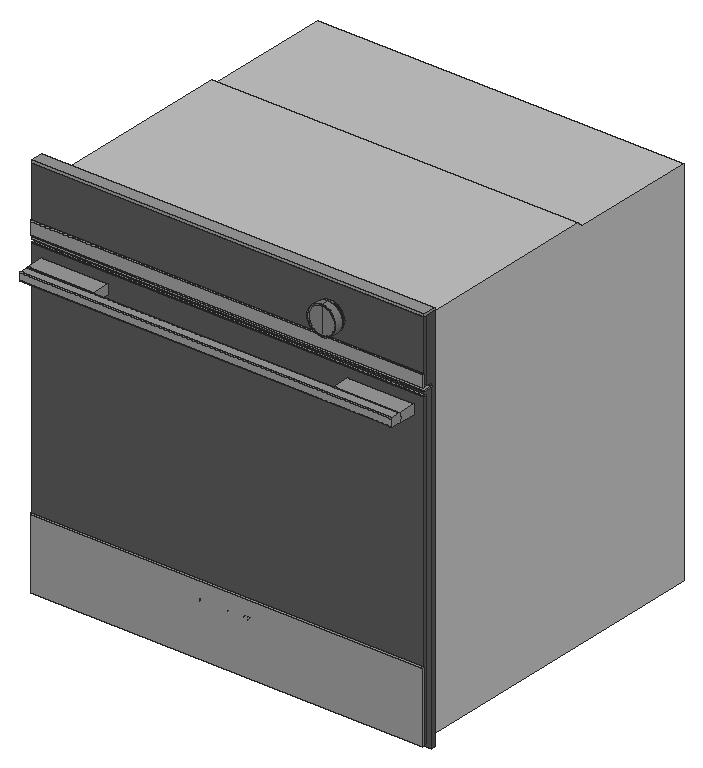
Revit family "FP-Revit20-en-OS60SDTDX1-SteamOven-0-9000XXXXA-CN", category Specialty Equipment, Revit 2020
Family settings
  Round Connector Dimension = Use Diameter
  Part Type = Normal
  OmniClass Number = 23.40.40.14.17.11
  OmniClass Title = Cookers, Ovens, Stoves
  Work Plane-Based = No
  Always vertical = Yes
  Cut with Voids When Loaded = Yes
  Shared = No
  Room Calculation Point = No
Parameters (values of type "OS60SDTDX1")
  Visibility - Clearance Required = yes
  URL = "www.fisherpaykel.com"
  Product - Height = 598 mm  # constant formula
  Product - Width = 596 mm  # constant formula
  Product - Depth (Exc. Handles) = 565 mm  # constant formula
  Opening - Height = 600 mm  # constant formula
  Model = "OS60SDTDX1"
  Material - Trim = Fisher & Paykel - Stainless Steel
  Material - Structure = Fisher & Paykel - Black
  Material - Handle = Fisher & Paykel - Stainless Steel
  Material - Glass = Fisher & Paykel - Glass, Black
  Material - Dial = Fisher & Paykel - Aluminium, Dark, Matt
  Material - Body = Fisher & Paykel - Grey
  Manufacturer = "Fisher & Paykel Appliances"
  FFL Offset [instance] = 900 mm
  Description = "Combination Steam Oven, 60cm, 23 Function"
  Default Elevation = 0 mm
  Connector Description - Electrical = "220-240V, 50Hz ,15A"
  Chassis - Width = 556 mm  # constant formula
  Chassis - Height = 575 mm  # constant formula
  Chassis - Depth = 545 mm  # constant formula
  Cavity - Width = 560 mm  # constant formula
  Cavity - Height = 580 mm  # constant formula
  Cavity - Depth = 550 mm  # constant formula
Reference planes
  plane 1 "Datum": y = 0
  plane 2: z = -2
  plane 3 "Center (Left/Right)": x = 0
  plane 4 "Product - LHS": x = -298
  plane 5 "Product - RHS": x = 298
  plane 6 "Cavity - RHS": x = 280
  plane 7 "FFL Offset": z = 898
  plane 8 "Chassis - Depth": y = 545
  plane 9 "Front Face": y = -20
  plane 10 "Chassis - Height": z = 1473
  plane 11 "Cavity - Height": z = 1478
  plane 12 "Opening - Height": z = 1498
  plane 13 "Cavity - LHS": x = -280
  plane 14 "Cavity - Depth": y = 550
  plane 15 "Product - Height": z = 1496
  plane 16 "Opening - RHS": x = 300
  plane 17 "Opening - LHS": x = -300
  plane 18 "Chassis - LHS": x = -278
  plane 19 "Chassis - RHS": x = 278
Forms (mm)
  Extrusion 1, solid, material "Fisher & Paykel - Grey" <- "Material - Body"
    sketch origin (0, 0, 0) x (0, 1, 0) y (0, 0, 1)
      loop
        line (0, 1473) -> (0, 898) -> (528, 898) -> (528, 1088) -> (545, 1108) -> (545, 1303) -> (498, 1358) -> (498, 1466) -> (305, 1466) -> (298, 1473) -> (0, 1473)
    from -278 to 278
  Extrusion 2, solid, material "Fisher & Paykel - Black" <- "Material - Structure", detail levels fine
    sketch origin (0, 0, 0) x (0, 1, 0) y (0, 0, 1)
      loop
        line (0, 1492.7) -> (-16, 1492.7) -> (-16, 1396) -> (-4, 1396) -> (-4, 898) -> (0, 898) -> (0, 1492.7)
    from -298 to 298
  Extrusion 3, solid, material "Fisher & Paykel - Glass, Black" <- "Material - Glass", detail levels fine
    sketch origin (0, 0, -3) x (0, 1, 0) y (0, 0, 1)
      loop
        line (-20, 1386.4) -> (-20, 912.5) -> (-16, 912.5) -> (-16, 1386.4) -> (-20, 1386.4)
      loop
        line (-20, 1400.8) -> (-16, 1400.8) -> (-16, 1495.7) -> (-20, 1495.7) -> (-20, 1400.8)
    from -298 to 298
  Extrusion 4, solid, material "Fisher & Paykel - Black" <- "Material - Structure", detail levels fine
    sketch origin (0, 0, 0) x (0, 1, 0) y (0, 0, 1)
      loop
        line (-16, 909.5) -> (-4, 909.5) -> (-4, 1380.364) -> (-13.99, 1384) -> (-16, 1384) -> (-16, 909.5)
    from -268 to 268
  Extrusion 5, solid, material "Fisher & Paykel - Clearance Required", visible <- "Visibility - Clearance Required", detail levels coarse
    sketch origin (0, 0, -2) x (1, 0, 0) y (0, 1, 0)
      loop
        line (-280, 0) -> (280, 0) -> (280, 550) -> (-280, 550) -> (-280, 0)
    from 900 to 1480
  Extrusion 6, void
    sketch origin (0, 0, 0) x (0, 1, 0) y (0, 0, 1)
      loop
        line (-20, 898) -> (0, 898) -> (0, 1498) -> (-20, 1498) -> (-20, 898)
    from -300 to 300
  Extrusion 7, solid, material "Fisher & Paykel - Grey" <- "Material - Body"
    sketch origin (0, 2, 0) x (0, 1, 0) y (0, 0, 1)
      loop
        line (496, 1433.999) -> (496, 1376) -> (517.999, 1376) -> (517.999, 1433.999) -> (496, 1433.999)
    from -221 to -128
  Extrusion 8, solid, material "Fisher & Paykel - Stainless Steel" <- "Material - Trim", detail levels fine
    sketch origin (0, 0, -1.199) x (0, 1, 0) y (0, 0, 1)
      loop
        line (-16, 1397.199) -> (-16, 1398.999) -> (-20, 1398.999) -> (-20, 1397.199) -> (-16, 1397.199)
      loop
        line (-16, 1384.599) -> (-16, 1386.199) -> (-20, 1386.199) -> (-20, 1384.599) -> (-16, 1384.599)
      loop
        line (-4, 1390.799) -> (-4, 1392.399) -> (-20, 1392.399) -> (-20, 1390.799) -> (-4, 1390.799)
      loop
        line (0, 1493.899) -> (0, 1497.199) -> (-20, 1497.199) -> (-20, 1493.899) -> (0, 1493.899)
    from -298 to 298
  Extrusion 9, void
    sketch origin (0, 0, -2) x (1, 0, 0) y (0, 1, 0)
      loop
        line (201.865, 545) -> (229, 498) -> (278, 498) -> (278, 545) -> (201.865, 545)
      loop
        line (-201.865, 545) -> (-278, 545) -> (-278, 498) -> (-229, 498) -> (-201.865, 545)
    from 900 to 1480
  Extrusion 10, solid, material "Fisher & Paykel - Grey" <- "Material - Body"
    sketch origin (0, 6.626, -14.403) x (0, 1, 0) y (0, 0, 1)
      loop
        circle (501.374, 1419.388) r 5
    from -271 to -221
  Extrusion 11, void
    sketch origin (0, 0, -2) x (1, 0, 0) y (0, 1, 0)
      loop
        line (-280, 0) -> (280, 0) -> (280, 550) -> (-280, 550) -> (-280, 0)
    from 900 to 1480
  Extrusion 12, solid, material "Fisher & Paykel - Glass, Black" <- "Material - Glass", detail levels coarse+medium
    sketch origin (0, 0, 0) x (0, 1, 0) y (0, 0, 1)
      loop
        line (0, 1496) -> (-20, 1496) -> (-20, 1396) -> (-4, 1396) -> (-4, 1391.2) -> (-4, 1380.364) -> (-13.99, 1384) -> (-16, 1384) -> (-16, 1385) -> (-20, 1385) -> (-20, 909.5) -> (-4, 909.5) -> (-4, 898) -> (0, 898) -> (0, 1496)
    from -298 to 298
  Extrusion 13, solid, material "Fisher & Paykel - Clearance Required", visible <- "Visibility - Clearance Required", detail levels coarse
    sketch origin (0, 0, 0) x (0, 1, 0) y (0, 0, 1)
      loop
        line (0, 898) -> (0, 1498) -> (-20, 1498) -> (-20, 1385)
        arc (-20, 1385) -> (-332.479, 1259.952) -> (-475.335, 955.203) r 458.415
        line (-475.335, 955.203) -> (-461.431, 954.484) -> (-463.168, 920.896) -> (-450.381, 920.235) -> (-448.645, 953.805) -> (-20, 931.639) -> (-20, 898) -> (0, 898)
    from -300 to 300
  Extrusion 14, solid, material "Fisher & Paykel - Stainless Steel" <- "Material - Trim"
    sketch origin (0, 0, 0) x (0, 1, 0) y (0, 0, 1)
      loop
        line (-22, 908) -> (-20, 908) -> (-20, 1016) -> (-21.019, 1016) -> (-22, 1014.013) -> (-22, 908)
      loop
        line (-20, 1396) -> (-20, 1415.6) -> (-21.022, 1415.6) -> (-22.044, 1413.628) -> (-22.044, 1396) -> (-20, 1396)
    from -298 to 298
Cuts and joins
  Extrusion 9 cuts Extrusion 1
Text (mm)
  text "Due to ongoing product development, product details are subject to change without notice. \nPlease always refer to www.fisherpaykel.com for the most current product information. \n© Fisher & Paykel 2020" at (41.04, -613.295, 0), in view "Ref. Level (Plan)"
Dimensions and locks
  equal spacing: plane 4 "Product - LHS", plane 3 "Center (Left/Right)", plane 5 "Product - RHS"
  "Product - Width": plane 4 "Product - LHS" to plane 5 "Product - RHS"
  "FFL Offset": plane 7 "FFL Offset" to level
  locked: plane 9 "Front Face" to plane 1 "Datum" at 20
  "Cavity - Height": plane 11 "Cavity - Height" to plane 7 "FFL Offset"
  "Chassis - Height": plane 10 "Chassis - Height" to plane 7 "FFL Offset"
  "Cavity - Depth": plane 1 "Datum" to plane 14 "Cavity - Depth"
  "Cavity - Width": plane 13 "Cavity - LHS" to plane 6 "Cavity - RHS"
  Extrusion 6 to Extrusion 3 = 11.5 mm
  "Chassis - Depth": plane 1 "Datum" to plane 8 "Chassis - Depth"
  equal spacing: plane 13 "Cavity - LHS", plane 3 "Center (Left/Right)", plane 6 "Cavity - RHS"
  "Opening - Height": plane 7 "FFL Offset" to plane 12 "Opening - Height"
  "Product - Height": plane 7 "FFL Offset" to plane 15 "Product - Height"
  equal spacing: cut or joined group of Extrusion 1, Extrusion 9, plane 3 "Center (Left/Right)", cut or joined group of Extrusion 1, Extrusion 9
  "Chassis - Width": cut or joined group of Extrusion 1, Extrusion 9 to cut or joined group of Extrusion 1, Extrusion 9
  locked: plane 15 "Product - Height" to nested 2 at 506.195
  plane 9 "Front Face" to plane 8 "Chassis - Depth" = 565 mm
  locked: nested 1 to plane 15 "Product - Height" at 52.1
  locked: nested 3 to plane 15 "Product - Height" at 135
  locked: plane 7 "FFL Offset" to Extrusion 14 at 10
  locked: Extrusion 14 to Extrusion 13 at 2.044
  locked: Extrusion 14 to Extrusion 6 at 2
  aligned and locked: level to plane 2
  aligned and locked: plane 4 "Product - LHS" to Extrusion 3
  aligned and locked: Extrusion 3 to plane 5 "Product - RHS"
  aligned and locked: plane 4 "Product - LHS" to Extrusion 2
  aligned and locked: Extrusion 2 to plane 5 "Product - RHS"
  aligned and locked: Extrusion 1 to plane 7 "FFL Offset"
  aligned and locked: Extrusion 8 to plane 5 "Product - RHS"
  aligned and locked: Extrusion 8 to Extrusion 3
  aligned and locked: Extrusion 6 to Extrusion 3
  aligned and locked: Extrusion 3 to Extrusion 8
  aligned and locked: Extrusion 4 to Extrusion 3
  aligned and locked: Extrusion 4 to Extrusion 2
  aligned and locked: Extrusion 8 to plane 1 "Datum"
  aligned and locked: plane 9 "Front Face" to Extrusion 6
  aligned and locked: Extrusion 5 to plane 6 "Cavity - RHS"
  aligned and locked: Extrusion 10 to Extrusion 7
  aligned and locked: plane 11 "Cavity - Height" to Extrusion 5
  aligned and locked: Extrusion 6 to plane 12 "Opening - Height"
  aligned and locked: Extrusion 6 to Extrusion 2
  aligned and locked: Extrusion 8 to plane 15 "Product - Height"
  aligned and locked: Extrusion 8 to Extrusion 2
  aligned and locked: Extrusion 9 to Extrusion 1
  aligned and locked: Extrusion 5 to Extrusion 2
  aligned and locked: Extrusion 5 to Extrusion 9
  aligned and locked: Extrusion 5 to plane 7 "FFL Offset"
  aligned and locked: Extrusion 1 to Extrusion 9
  aligned and locked: Extrusion 12 sketch curve to plane 15 "Product - Height"
  aligned and locked: plane 11 "Cavity - Height" to Extrusion 11
  aligned and locked: Extrusion 2 to Extrusion 11
  aligned and locked: Extrusion 3 to Extrusion 4
  aligned and locked: Extrusion 12 to Extrusion 3
  aligned and locked: Extrusion 13 to plane 16 "Opening - RHS"
  aligned and locked: plane 17 "Opening - LHS" to Extrusion 13
  aligned and locked: Extrusion 6 to Extrusion 14 sketch curve
  aligned and locked: Extrusion 14 to plane 5 "Product - RHS"
  aligned and locked: plane 4 "Product - LHS" to Extrusion 14
  aligned and locked: Extrusion 14 sketch curve to Extrusion 13
Automatic sketch dimensions
  Extrusion 1 sketch curve to plane 1 "Datum" = 0 mm
  Extrusion 1 sketch curve to plane 10 "Chassis - Height" = 0 mm
  Extrusion 1 sketch curve to plane 7 "FFL Offset" = 0 mm
  Extrusion 1 sketch curve to plane 8 "Chassis - Depth" = 0 mm
  Extrusion 1 sketch curve to Extrusion 1 sketch curve = 7 mm
  Extrusion 1 sketch curve to plane 10 "Chassis - Height" = 7 mm
  Extrusion 1 sketch curve to Extrusion 1 sketch curve = 20 mm
  Extrusion 2 sketch curve to plane 7 "FFL Offset" = 0 mm
  Extrusion 2 sketch curve to plane 1 "Datum" = 0 mm
  plane 1 "Datum" to Extrusion 2 sketch curve = 4 mm
  Extrusion 2 sketch curve to plane 9 "Front Face" = 4 mm
  plane 15 "Product - Height" to Extrusion 2 sketch curve = 3.3 mm
  Extrusion 3 sketch curve to plane 9 "Front Face" = 0 mm  (x2)
  Extrusion 3 sketch curve to Extrusion 3 sketch curve = 4 mm  (x2)
  plane 7 "FFL Offset" to Extrusion 3 sketch curve = 11.5 mm
  Extrusion 3 sketch curve to Extrusion 3 sketch curve = 14.4 mm
  plane 15 "Product - Height" to Extrusion 3 sketch curve = 3.3 mm
  Extrusion 4 sketch curve to plane 9 "Front Face" = 4 mm
  Extrusion 4 sketch curve to Extrusion 4 sketch curve = 2.01 mm
  plane 1 "Datum" to Extrusion 4 sketch curve = 4 mm
  plane 7 "FFL Offset" to Extrusion 4 sketch curve = 11.5 mm
  Extrusion 4 sketch curve to Extrusion 4 sketch curve = 3.636 mm
  Extrusion 5 sketch curve to plane 13 "Cavity - LHS" = 0 mm
  Extrusion 5 sketch curve to plane 6 "Cavity - RHS" = 0 mm
  plane 1 "Datum" to Extrusion 5 sketch curve = 0 mm
  Extrusion 5 sketch curve to plane 14 "Cavity - Depth" = 0 mm
  Extrusion 6 sketch curve to plane 9 "Front Face" = 0 mm
  Extrusion 6 sketch curve to plane 1 "Datum" = 0 mm
  Extrusion 6 sketch curve to plane 7 "FFL Offset" = 0 mm
  plane 12 "Opening - Height" to Extrusion 6 sketch curve = 0 mm
  Extrusion 7 sketch curve to Extrusion 7 sketch curve = 21.999 mm
  Extrusion 8 sketch curve to plane 9 "Front Face" = 0 mm  (x4)
  Extrusion 8 sketch curve to plane 1 "Datum" = 0 mm
  plane 15 "Product - Height" to Extrusion 8 sketch curve = 0 mm
  Extrusion 8 sketch curve to Extrusion 8 sketch curve = 4 mm  (x2)
  plane 1 "Datum" to Extrusion 8 sketch curve = 4 mm
  plane 15 "Product - Height" to Extrusion 8 sketch curve = 3.3 mm
  Extrusion 8 sketch curve to Extrusion 8 sketch curve = 1.8 mm
  Extrusion 8 sketch curve to Extrusion 8 sketch curve = 4.8 mm
  Extrusion 8 sketch curve to Extrusion 8 sketch curve = 1.6 mm  (x2)
  Extrusion 8 sketch curve to Extrusion 8 sketch curve = 4.6 mm
  Extrusion 9 sketch curve to plane 8 "Chassis - Depth" = 0 mm  (x2)
  Extrusion 9 sketch curve to plane 13 "Cavity - LHS" = 2 mm
  Extrusion 9 sketch curve to Extrusion 9 sketch curve = 49 mm
  Extrusion 9 sketch curve to Extrusion 9 sketch curve = 27.135 mm
  plane 6 "Cavity - RHS" to Extrusion 9 sketch curve = 78.135 mm
  plane 6 "Cavity - RHS" to Extrusion 9 sketch curve = 51 mm
  plane 6 "Cavity - RHS" to Extrusion 9 sketch curve = 2 mm
  Extrusion 11 sketch curve to plane 13 "Cavity - LHS" = 0 mm
  Extrusion 11 sketch curve to plane 6 "Cavity - RHS" = 0 mm
  plane 1 "Datum" to Extrusion 11 sketch curve = 0 mm
  Extrusion 11 sketch curve to plane 14 "Cavity - Depth" = 0 mm
  Extrusion 7 sketch curve to plane 10 "Chassis - Height" = 39.001 mm
  Extrusion 1 sketch curve to Extrusion 1 sketch curve = 163 mm
  Extrusion 1 sketch curve to Extrusion 1 sketch curve = 55 mm
  Extrusion 2 sketch curve to plane 10 "Chassis - Height" = 77 mm
  Extrusion 3 sketch curve to plane 10 "Chassis - Height" = 89.6 mm
  Extrusion 4 sketch curve to plane 10 "Chassis - Height" = 92.636 mm
  Extrusion 7 sketch curve to Extrusion 7 sketch curve = 57.999 mm
  Extrusion 8 sketch curve to plane 10 "Chassis - Height" = 75.2 mm
  Extrusion 10 sketch curve to plane 10 "Chassis - Height" = 68.015 mm
  Extrusion 12 sketch curve to plane 9 "Front Face" = 0 mm  (x2)
  Extrusion 12 sketch curve to plane 7 "FFL Offset" = 0 mm
  Extrusion 12 sketch curve to plane 1 "Datum" = 0 mm
  Extrusion 12 sketch curve to plane 9 "Front Face" = 4 mm
  Extrusion 12 sketch curve to Extrusion 12 sketch curve = 2.01 mm
  plane 1 "Datum" to Extrusion 12 sketch curve = 4 mm  (x2)
  Extrusion 12 sketch curve to plane 10 "Chassis - Height" = 92.636 mm
  Extrusion 12 sketch curve to Extrusion 12 sketch curve = 3.636 mm
  Extrusion 12 sketch curve to Extrusion 12 sketch curve = 1 mm
  Extrusion 12 sketch curve to Extrusion 12 sketch curve = 10.836 mm
  Extrusion 12 sketch curve to Extrusion 12 sketch curve = 11 mm
  Extrusion 12 sketch curve to Extrusion 12 sketch curve = 11.5 mm
  Extrusion 1 sketch curve to Extrusion 1 sketch curve = 190 mm
  Extrusion 13 sketch curve to plane 9 "Front Face" = 0 mm  (x2)
  Extrusion 13 sketch curve to plane 1 "Datum" = 0 mm
  Extrusion 13 sketch curve to plane 7 "FFL Offset" = 0 mm
  plane 12 "Opening - Height" to Extrusion 13 sketch curve = 0 mm
  plane 7 "FFL Offset" to Extrusion 13 sketch curve = 55.805 mm
  plane 9 "Front Face" to Extrusion 13 sketch curve = 428.645 mm
  plane 7 "FFL Offset" to Extrusion 13 sketch curve = 22.235 mm
  Extrusion 13 sketch curve to Extrusion 13 sketch curve = 1.736 mm
  plane 7 "FFL Offset" to Extrusion 13 sketch curve = 56.484 mm
  Extrusion 13 sketch curve to Extrusion 13 sketch curve = 12.786 mm
  Extrusion 13 sketch curve to plane 9 "Front Face" = 2.186 mm
  Extrusion 13 sketch curve to Extrusion 13 sketch curve = 5.049 mm
  Extrusion 13 sketch curve to Extrusion 13 sketch curve = 13.904 mm
  Extrusion 1 sketch curve to plane 8 "Chassis - Depth" = 247 mm
  Extrusion 1 sketch curve to plane 8 "Chassis - Depth" = 47 mm
  Extrusion 1 sketch curve to plane 8 "Chassis - Depth" = 17 mm
  Extrusion 7 sketch curve to plane 8 "Chassis - Depth" = 47 mm
  Extrusion 9 sketch curve to plane 8 "Chassis - Depth" = 47 mm  (x2)
  Extrusion 10 sketch curve to plane 8 "Chassis - Depth" = 37 mm
  plane 9 "Front Face" to Extrusion 14 sketch curve = 1.019 mm
  plane 9 "Front Face" to Extrusion 14 sketch curve = 2 mm
  plane 7 "FFL Offset" to Extrusion 14 sketch curve = 10 mm
  Extrusion 14 sketch curve to Extrusion 14 sketch curve = 106.013 mm
  Extrusion 14 sketch curve to Extrusion 14 sketch curve = 1.987 mm
  Extrusion 14 sketch curve to plane 10 "Chassis - Height" = 77 mm
  Extrusion 14 sketch curve to Extrusion 14 sketch curve = 1.972 mm
  plane 9 "Front Face" to Extrusion 14 sketch curve = 2.044 mm
  Extrusion 14 sketch curve to Extrusion 14 sketch curve = 17.628 mm
  plane 9 "Front Face" to Extrusion 14 sketch curve = 1.022 mm
  radius of Extrusion 10 sketch curve = 5 mm
Nested families
  nested 1: "F&P Dial Minimal Oven" at (155.3, -20, 1443.9), type "F&P Dial Minimal Oven"
  nested 2: "F&P Logo 100mm" at (0.044, -20, 987), type "Grey"
  nested 3: "F&P Handle Contemporary Square Fine OB60-24" at (0, -20, 1361.022), type "Aluminium Black"
Connectors
  electrical at (-271, 508, 1404.985), driven by "Connector Description - Electrical"
    settings: on Extrusion 10, index 1, voltage 230 V, apparent load 0 VA, apparent load phase1 0 VA, apparent load phase2 0 VA, apparent load phase3 0 VA, power factor 1, load classification "Other", number of poles 1, system type 30, power factor state 1, is connector primary yes, connector utility yes, sub classification motor no, connector description "220-240V, 50Hz ,15A"
Definition of nested family "F&P Dial Minimal Oven"
  Parameters (values of type "F&P Dial Minimal Oven")
    URL = "www.fisherpaykel.com"
    Material - Buttons and Dials = none
    Manufacturer = "Fisher & Paykel Appliances"
    Default Elevation = 0 mm
  Reference planes
    plane 1 "Center (Front/Back)": y = 0
    plane 2: z = 0
    plane 3 "Center (Left/Right)": x = 0
    plane 4: x = 0
    plane 5 "Dial": z = 0
  Forms (mm)
    Revolve 1, solid, material <- "Material - Buttons and Dials", detail levels fine
      sketch origin (0, 0, 0) x (0, 1, 0) y (0, 0, 1)
        loop
          line (-15.2, 0) -> (0, 0) -> (0, 22) -> (-0.8, 22) -> (-0.8, 18.5) -> (-4.2, 18.5) -> (-4.2, 20.136) -> (-4.7, 22) -> (-15.8, 22) -> (-15.8, 21.2) -> (-15.301, 20) -> (-15.301, 0)
        axis (-15.8, 0) -> (0, 0)
      angle from 0 to 360
    Revolve 2, solid, material <- "Material - Buttons and Dials", detail levels coarse+medium
      sketch origin (0, 0, 0) x (0, 1, 0) y (0, 0, 1)
        loop
          line (0, 18.5) -> (-4.2, 18.5) -> (-4.2, 22) -> (-15.8, 22) -> (-15.8, 0) -> (0, 0) -> (0, 18.5)
        axis (-15.8, 0) -> (0, 0)
      angle from 0 to 360
  Dimensions and locks
    aligned and locked: level to plane 2
Definition of nested family "F&P Logo 100mm"
  Parameters (values of type "Grey")
    URL = "www.fisherpaykel.com"
    Material - Logo = none
    Manufacturer = "Fisher & Paykel Appliances"
    Default Elevation = 0 mm
  Reference planes
    plane 1 "Center (Front/Back)": y = 0
    plane 2: z = 0
    plane 3 "Center (Left/Right)": x = 0
    plane 4 "Logo": z = 2.805
  Forms (mm)
    Extrusion 1, solid, material <- "Material - Logo", detail levels fine
      sketch origin (0, 0, 0) x (1, 0, 0) y (0, 0, 1)
        loop
          line (-50.044, 0) -> (-48.47, 0) -> (-48.47, 2.138) -> (-46.011, 2.138) -> (-46.011, 3.472) -> (-48.47, 3.472) -> (-48.47, 4.712) -> (-45.795, 4.712) -> (-45.795, 6.04) -> (-50.044, 6.04) -> (-50.044, 0)
        loop
          line (-42.804, 6.04) -> (-42.804, 0) -> (-41.23, 0) -> (-41.23, 6.04) -> (-42.804, 6.04)
        loop
          line (-30.724, 6.04) -> (-30.724, 0) -> (-29.151, 0) -> (-29.151, 2.42) -> (-26.839, 2.42) -> (-26.839, 0) -> (-25.265, 0) -> (-25.265, 6.04) -> (-26.839, 6.04) -> (-26.839, 3.748) -> (-29.151, 3.748) -> (-29.151, 6.04) -> (-30.724, 6.04)
        loop
          line (-21.906, 6.04) -> (-21.906, 0) -> (-17.602, 0) -> (-17.602, 1.328) -> (-20.347, 1.328) -> (-20.347, 2.42) -> (-17.838, 2.42) -> (-17.838, 3.748) -> (-20.347, 3.748) -> (-20.347, 4.712) -> (-17.602, 4.712) -> (-17.602, 6.04) -> (-21.906, 6.04)
        loop
          line (45.667, 6.04) -> (45.667, 0) -> (49.956, 0) -> (49.956, 1.328) -> (47.241, 1.328) -> (47.241, 6.04) -> (45.667, 6.04)
        loop
          line (42.431, 6.04) -> (38.112, 6.04) -> (38.112, 0) -> (42.431, 0) -> (42.431, 1.328) -> (39.687, 1.328) -> (39.687, 2.42) -> (42.195, 2.42) -> (42.195, 3.748) -> (39.687, 3.748) -> (39.687, 4.712) -> (42.431, 4.712) -> (42.431, 6.04)
        loop
          line (33.443, 3.137) -> (35.683, 6.04) -> (33.844, 6.04) -> (31.915, 3.542) -> (31.915, 6.04) -> (30.342, 6.04) -> (30.342, 0) -> (31.915, 0) -> (31.915, 2.705) -> (33.903, 0) -> (35.747, 0) -> (33.443, 3.137)
        loop
          line (21.98, 6.04) -> (24.262, 2.42) -> (24.262, 0) -> (25.837, 0) -> (25.837, 2.341) -> (28.119, 6.04) -> (26.446, 6.04) -> (25.099, 3.707) -> (23.753, 6.04) -> (21.98, 6.04)
        loop
          line (18.479, 6.04) -> (16.983, 6.04) -> (14.524, 0) -> (16.069, 0) -> (16.501, 1.112) -> (18.786, 1.112) -> (19.219, 0) -> (20.938, 0) -> (18.479, 6.04)
        loop
          line (18.4, 2.439) -> (17.693, 4.174) -> (17.018, 2.439) -> (18.4, 2.439)
        loop
          line (8.031, 6.04) -> (8.031, 0) -> (9.605, 0) -> (9.605, 1.938) -> (10.599, 1.938)
          arc (10.599, 1.938) -> (12.65, 3.989) -> (10.599, 6.04) r 2.051
          line (10.599, 6.04) -> (8.031, 6.04)
        loop
          line (9.605, 4.712) -> (9.605, 3.197) -> (10.501, 3.197)
          arc (10.501, 3.197) -> (11.259, 3.954) -> (10.501, 4.712) r 0.757
          line (10.501, 4.712) -> (9.605, 4.712)
        loop
          line (-11.783, 6.04) -> (-14.366, 6.04) -> (-14.366, 0) -> (-12.792, 0) -> (-12.792, 1.336) -> (-11.992, 1.336) -> (-10.972, 0) -> (-9.153, 0) -> (-10.694, 1.973)
          arc (-10.694, 1.973) -> (-9.678, 4.424) -> (-11.783, 6.04) r 2.179
        loop
          line (-11.897, 4.712) -> (-12.792, 4.712) -> (-12.792, 3.053) -> (-11.897, 3.053)
          arc (-11.897, 3.053) -> (-11.068, 3.882) -> (-11.897, 4.712) r 0.83
        loop
          line (0.477, 4.712) -> (0.477, 6.153) -> (-3.575, 6.153) -> (-3.575, 4.851) -> (-2.974, 4.112)
          arc (-2.974, 4.112) -> (-3.51, 0.684) -> (-0.045, 0.512) r 2.334
          line (-0.045, 0.512) -> (0.46, -0.109) -> (2.246, -0.109) -> (0.86, 1.594) -> (2.061, 3.324) -> (0.443, 3.324) -> (-0.013, 2.667) -> (-1.677, 4.712) -> (0.477, 4.712)
        loop
          arc (-2.125, 3.068) -> (-2.269, 1.668) -> (-0.868, 1.524) r 0.996
          line (-0.868, 1.524) -> (-2.125, 3.068)
        loop
          line (-35.18, 3.634) -> (-36.516, 3.91)
          arc (-36.516, 3.91) -> (-37.049, 4.443) -> (-36.516, 4.976) r 0.533
          arc (-36.516, 4.976) -> (-35.235, 4.79) -> (-34.059, 4.248) r 4.505
          line (-34.059, 4.248) -> (-34.059, 5.743)
          arc (-34.059, 5.743) -> (-35.549, 6.179) -> (-37.1, 6.109) r 4.726
          arc (-37.1, 6.109) -> (-38.536, 4.335) -> (-37.1, 2.561) r 1.814
          line (-37.1, 2.561) -> (-35.754, 2.282)
          arc (-35.754, 2.282) -> (-35.221, 1.749) -> (-35.754, 1.216) r 0.533
          arc (-35.754, 1.216) -> (-37.035, 1.402) -> (-38.211, 1.945) r 4.505
          line (-38.211, 1.945) -> (-38.211, 0.449)
          arc (-38.211, 0.449) -> (-36.72, 0.013) -> (-35.169, 0.083) r 4.726
          arc (-35.169, 0.083) -> (-33.734, 1.863) -> (-35.18, 3.634) r 1.814
      from 0 to 0.8
  Dimensions and locks
    aligned and locked: level to plane 2
Definition of nested family "F&P Handle Contemporary Square Fine OB60-24"
  Parameters (values of type "Aluminium Black")
    URL = "www.fisherpaykel.com"
    Material - Handle = none
    Manufacturer = "Fisher & Paykel Appliances"
    Handle - Length = 565 mm
    Default Elevation = 0 mm
  Reference planes
    plane 1 "Center (Front/Back)": y = 0
    plane 2: z = 0
    plane 3 "Center (Left/Right)": x = 0
    plane 4 "Product LHS": x = -282.5
    plane 5 "Product RHS": x = 282.5
    plane 6 "LHS Standoff": x = -182.495
    plane 7 "RHS Standoff": x = 182.505
    plane 8 "Handle centre": z = -0.022
    plane 9: z = -0.022
  Forms (mm)
    Extrusion 1, solid, material <- "Material - Handle", detail levels fine
      sketch origin (0, 0, 0) x (0, 1, 0) y (0, 0, 1)
        loop
          arc (-26.813, 6.16) -> (-27.196, 6.554) -> (-27.728, 6.686) r 1
          line (-27.728, 6.686) -> (-40.035, 6.256)
          arc (-40.035, 6.256) -> (-40.719, 5.951) -> (-41, 5.257) r 1
          line (-41, 5.257) -> (-41, -5.257)
          arc (-41, -5.257) -> (-40.719, -5.951) -> (-40.035, -6.256) r 1
          line (-40.035, -6.256) -> (-27.709, -6.686)
          arc (-27.709, -6.686) -> (-27.175, -6.554) -> (-26.792, -6.158) r 1
          arc (-26.792, -6.158) -> (-25.256, 0.004) -> (-26.813, 6.16) r 13.038
      from -282.5 to 282.5
    Extrusion 2, solid, material <- "Material - Handle", detail levels fine
      sketch origin (0, 0, 0) x (0, 1, 0) y (0, 0, 1)
        loop
          arc (-26.626, -6.008) -> (-26.614, -6.49) -> (-26.2, -6.737) r 0.5
          line (-26.2, -6.737) -> (0, -7.696) -> (0, 7.704) -> (-26.174, 6.747)
          arc (-26.174, 6.747) -> (-26.587, 6.5) -> (-26.6, 6.019) r 0.5
          arc (-26.6, 6.019) -> (-25.156, 0.002) -> (-26.626, -6.008) r 13.136
      from 182.505 to 282.5
    Extrusion 3, solid, material <- "Material - Handle", detail levels coarse+medium
      sketch origin (0, 0, 0) x (1, 0, 0) y (0, 1, 0)
        loop
          line (-282.5, -42) -> (282.5, -42) -> (282.5, 0) -> (182.505, 0) -> (182.505, -26.156) -> (-182.495, -26.156) -> (-182.495, 0) -> (-282.5, 0) -> (-282.5, -42)
      from -8.022 to 7.978
    Extrusion 4, solid, material <- "Material - Handle", detail levels fine
      sketch origin (0, 0, 0) x (0, 1, 0) y (0, 0, 1)
        loop
          arc (-26.626, -6.008) -> (-26.614, -6.49) -> (-26.2, -6.737) r 0.5
          line (-26.2, -6.737) -> (0, -7.696) -> (0, 7.704) -> (-26.174, 6.747)
          arc (-26.174, 6.747) -> (-26.587, 6.5) -> (-26.6, 6.019) r 0.5
          arc (-26.6, 6.019) -> (-25.156, 0.002) -> (-26.626, -6.008) r 13.136
      from -282.5 to -182.495
  Dimensions and locks
    equal spacing: plane 4 "Product LHS", plane 3 "Center (Left/Right)", plane 5 "Product RHS"
    "Handle - Length": plane 4 "Product LHS" to plane 5 "Product RHS"
    locked: plane 4 "Product LHS" to plane 6 "LHS Standoff" at 100.005
    locked: plane 7 "RHS Standoff" to plane 5 "Product RHS" at 99.995
    aligned and locked: level to plane 2
    aligned and locked: Extrusion 1 to plane 5 "Product RHS"
    aligned and locked: plane 4 "Product LHS" to Extrusion 1
    aligned and locked: Extrusion 2 to plane 5 "Product RHS"
    aligned and locked: plane 4 "Product LHS" to Extrusion 3 sketch curve
    aligned and locked: Extrusion 3 sketch curve to plane 5 "Product RHS"
    aligned and locked: Extrusion 3 sketch curve to plane 7 "RHS Standoff"
    aligned and locked: plane 6 "LHS Standoff" to Extrusion 3 sketch curve
    aligned and locked: plane 4 "Product LHS" to Extrusion 4
    aligned and locked: plane 6 "LHS Standoff" to Extrusion 4
    aligned and locked: Extrusion 2 to plane 7 "RHS Standoff"
  Automatic sketch dimensions
    Extrusion 1 sketch curve to level = 5.257 mm
    plane 1 "Center (Front/Back)" to Extrusion 1 sketch curve = 41 mm
    level to Extrusion 1 sketch curve = 6.256 mm
    Extrusion 1 sketch curve to Extrusion 1 sketch curve = 0.965 mm  (x2)
    Extrusion 1 sketch curve to level = 6.256 mm
    Extrusion 1 sketch curve to Extrusion 1 sketch curve = 0.035 mm  (x3)
    Extrusion 1 sketch curve to level = 0.018 mm
    Extrusion 1 sketch curve to Extrusion 1 sketch curve = 1.706 mm
    level to Extrusion 1 sketch curve = 6.686 mm
    Extrusion 1 sketch curve to Extrusion 1 sketch curve = 12.307 mm
    Extrusion 1 sketch curve to level = 6.686 mm
    Extrusion 1 sketch curve to Extrusion 1 sketch curve = 12.326 mm
    Extrusion 1 sketch curve to Extrusion 1 sketch curve = 0.999 mm  (x2)
    Extrusion 1 sketch curve to Extrusion 1 sketch curve = 0 mm
    Extrusion 2 sketch curve to plane 1 "Center (Front/Back)" = 0 mm
    level to Extrusion 2 sketch curve = 6.247 mm
    plane 1 "Center (Front/Back)" to Extrusion 2 sketch curve = 26.155 mm
    level to Extrusion 2 sketch curve = 6.747 mm
    Extrusion 2 sketch curve to Extrusion 2 sketch curve = 0.018 mm  (x2)
    Extrusion 2 sketch curve to level = 6.238 mm
    Extrusion 2 sketch curve to Extrusion 2 sketch curve = 0.026 mm
    Extrusion 2 sketch curve to level = 6.737 mm
    level to Extrusion 2 sketch curve = 0.03 mm
    Extrusion 2 sketch curve to Extrusion 2 sketch curve = 12.11 mm
    Extrusion 2 sketch curve to level = 7.696 mm
    level to Extrusion 2 sketch curve = 7.704 mm
    Extrusion 2 sketch curve to Extrusion 2 sketch curve = 0 mm
    plane 1 "Center (Front/Back)" to Extrusion 3 sketch curve = 42 mm
    Extrusion 3 sketch curve to Extrusion 3 sketch curve = 15.844 mm
    Extrusion 3 sketch curve to Extrusion 3 sketch curve = 26.156 mm  (x2)
    level to Extrusion 4 sketch curve = 0.03 mm
    plane 1 "Center (Front/Back)" to Extrusion 4 sketch curve = 38.291 mm
    Extrusion 4 sketch curve to level = 6.737 mm
    Extrusion 4 sketch curve to Extrusion 4 sketch curve = 12.091 mm
    Extrusion 4 sketch curve to Extrusion 4 sketch curve = 0.018 mm  (x2)
    level to Extrusion 4 sketch curve = 6.747 mm
    Extrusion 4 sketch curve to Extrusion 4 sketch curve = 0.008 mm
    level to Extrusion 4 sketch curve = 7.704 mm
    Extrusion 4 sketch curve to Extrusion 4 sketch curve = 26.174 mm
    Extrusion 4 sketch curve to level = 7.696 mm
    Extrusion 4 sketch curve to Extrusion 4 sketch curve = 0.5 mm  (x2)
    Extrusion 4 sketch curve to Extrusion 4 sketch curve = 0 mm
